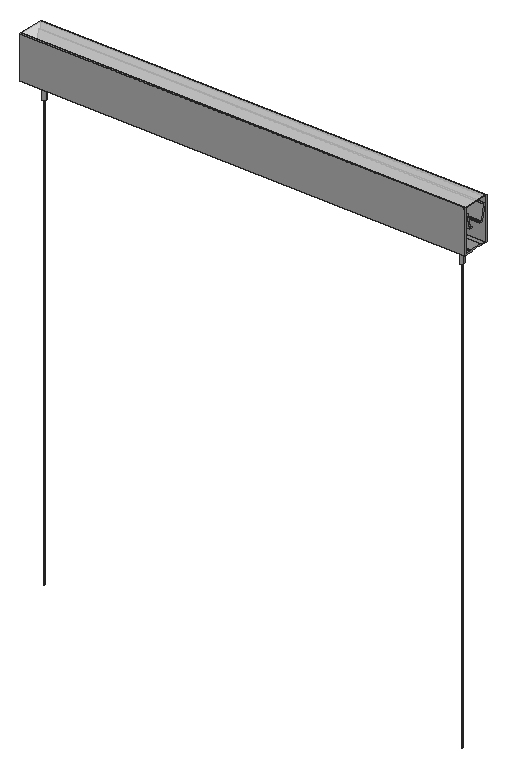
Revit family "2093163 Sylvania Lighting Fixture MC2 0-9M 3K DALI WHT OPAL", category Lighting Fixtures, host Face, Revit 2016
Family settings
  Host = Face
  Part Type = Normal
  Round Connector Dimension = Use Diameter
  OmniClass Number = 23.80.70.11.17
  OmniClass Title = Specialized Lighting by Location or Use
  Cut with Voids When Loaded = No
  Light Source = Yes
  Shared = No
  Room Calculation Point = No
Parameters (values of type "2093163 MC2 0.9M 3K DALI WHT OPAL")
  Width_SYL = 54.0 mm
  Weight = "1.8 kg"
  Wattage = 16 W
  WarrantyStartDate [instance] = "n/a"
  WarrantyGuarantorParts = "n/a"
  WarrantyDurationUnit = "n/a"
  WarrantyDurationParts = "n/a"
  WarrantyDescription = "n/a"
  built-in parameter 1150110 = 1 (stored number, unit not read)
  Voltage = 0 V
  URL = "http://www.sylvania-lighting.com"
  TypeName = "MC2 0.9M 3K DALI WHT OPAL"
  built-in parameter 1114217 = 1 (stored number, unit not read)
  Tilt Angle = -90.00°
  built-in parameter 1150109 = 1 (stored number, unit not read)
  built-in parameter 1150134 = (empty or 0)
  built-in parameter 1150113 = 1 (stored number, unit not read)
  SerialNumber [instance] = "n/a"
  PowerFactor = 0.95
  PowerConsumption = "16 W"
  NominalWidth = 0.0 mm
  NominalLength = 900.0 mm
  NominalHeight = 86.0 mm
  Name = "MC2 0.9M 3K DALI WHT OPAL"
  ModelReference = "MC2 0.9M 3K DALI WHT OPAL"
  ModelNumber = "2093163"
  Material_3_SYL = Metal_Sylvania_Mini Contiuum II_Silver
  Photometric Web File = "2093163.ies"
  Material_4_SYL = Metal_Sylvania_Mini Contiuum II_Silver
  MountingHeight_SYL [instance] = 1000.0 mm
  Material = "aluminium housing, polycarbonate diffuser"
  ManufacturerName = "Feilo Sylvania"
  LuminousEfficacy = "104 lm/W"
  LuminaireType = ""
  LightOutputRatio = "100"
  Length_SYL = 900.0 mm
  LampsType = Lamp  # "LED"
  LampNominalLuminous = "1657 lm"
  LampMacAdamStep = "3"
  LampColourTemperature = "3000 K"
  LampColourRenderingIndex = "80"
  Keynote = "16500"
  InstallationDate [instance] = "n/a"
  InputVoltage = "n/a"
  InputNominalFrequency = "n/a"
  IngressProtection = "IP20"
  ImpactProtectionIndex = "n/a"
  IfcExportType = "IfcLightFixtureType"
  IfcExportAs = "IfcLightFixtureType"
  Height_SYL = 86.0 mm
  ExpectedLife = 50000
  EndCapRight_SYL [instance] = no
  EndCapLeft_SYL [instance] = no
  Emit from Rectangle Width = Width_SYL - 2.0 mm  # 52.0 mm
  Emit from Rectangle Length = Length_SYL  # 900.0 mm
  Emit Shape Visible in Rendering = no
  ElectricShockClassification = "Class I"
  DurationUnit = "hours"
  DocumentationLiterature = "http://www.sylvania-lighting.com/product/en-int/products/2093163"
  DimmingControlOptions = "n/a"
  CreatedOn = "10/15/2018"
  CreatedBy = "@sylvania-lighting.com"
  built-in parameter 1114216 [instance] = 1 (stored number, unit not read)
  Model = "MC2 0.9M 3K DALI WHT OPAL"
  Manufacturer = "Feilo Sylvania"
  built-in parameter 1150105 = 132.42 (stored number, unit not read)
  Lumens = 1664 lm
  built-in parameter 1150115 = 1 (stored number, unit not read)
  built-in parameter 1150137 = (empty or 0)
  built-in parameter 1150139 = (empty or 0)
  built-in parameter 1150112 = 1 (stored number, unit not read)
  built-in parameter 1150114 = 1 (stored number, unit not read)
  Lamp = "LED"
  built-in parameter 1150132 = 2
  built-in parameter 1150102 = (empty or 0)
  built-in parameter 1150107 = 3000 (stored number, unit not read)
  built-in parameter 1150138 = (empty or 0)
  built-in parameter 1150106 = 1.3242 (stored number, unit not read)
  Material_1_SYL = Metal_Sylvania_Mini Continuum II_White
  built-in parameter 1150104 = 9.6619 (stored number, unit not read)
  Dimming Lamp Color Temperature Shift = <None>
  Material_2_SYL = Polycarbonate_Sylvania_Mini Continuum II_Opal_4000K
  Description = "2093163   MC2 0.9M 3K DALI WHT OPAL  Continuous lines of LED light, white RAL 9016, direct distribution, extension module, trimless detail for a seamless finish, suitable for recessed, semi-recessed, surface-mounted or suspended installation either horizontally or vertically, various accessories available, compact and minimalist design based on the Golden Mean, ideal for offices, meeting rooms, corridors, education facilities, museums and libraries, extruded aluminium body, diffuser: opal, colour temperature: 3000K warm white, total system power: 13W, total fixture output: 1657lm, luminaire efficacy: 127lm/W, LOR: 100%, colour rendering: Ra >80, LED Chromacity: 1 step MacAdam ellipse, lifetime: 60,000 hours at 90% of the original output (L90), energy class: A++, A+, A, IR/UV free light source without heat radiation, operating voltage: 220-240V / 50-60Hz, drive current: 600mA, electronic driver, DALI dimmable, electrical protection: CLASS I, IP20, suitable for internal environment only."
  Default Elevation = 0.0 mm
  Color Filter = 16777215
  built-in parameter 1140040 [instance] = 1
  BarCode [instance] = "n/a"
  built-in parameter 1114218 = 1 (stored number, unit not read)
  built-in parameter 1150133 = 10 (stored number, unit not read)
  AssetType = "Fixed"
  AssetIdentifier [instance] = "n/a"
  Assembly Code = "D5020200"
  Apparent Load = 16 VA
Reference planes
  plane 1 "Center (Front/Back)": y = 0
  plane 2 "Bottom Fixtures": z = 0
  plane 3 "Center (Left/Right)": x = 0
  plane 4 "Fixture Left": x = -450
  plane 5 "Fixture Right": x = 450
  plane 6 "Fixture Bottom": z = 1000
  plane 7: z = 998
  plane 8: z = 996
  plane 9: z = 986.951
  plane 10: z = 956.951
  plane 11 "Fixture Top": z = 914
  plane 12 "Mounting Right": x = 422
  plane 13 "Mounting Left": x = -422
  plane 14: z = 879
  plane 15: y = 27
  plane 16: y = -27
  plane 17: y = -26
  plane 18: y = -25
  plane 19: y = 26
  plane 20: y = 25
  plane 21: y = 11
  plane 22: y = -11
  plane 23: y = 24
  plane 24: y = 22
  plane 25: y = -22
  plane 26: y = 15
  plane 27: y = -15
  plane 28 "Upper Diffuser Left": x = -300
  plane 29 "Upper Diffuser Right": x = 300
  plane 30: x = -452
  plane 31: x = 452
Forms (mm)
  Extrusion 1, solid, material "Metal_Sylvania_Mini Continuum II_White" <- "Material_1_SYL", detail levels fine
    sketch origin (0, 0, 520) x (0, 1, 0) y (0, 0, 1)
      loop
        line (27, 480) -> (26, 480) -> (26, 478) -> (25, 478) -> (25, 396) -> (13, 396) -> (13, 398) -> (-13, 398) -> (-13, 396) -> (-25, 396) -> (-25, 478) -> (-26, 478) -> (-26, 480) -> (-27, 480) -> (-27, 394) -> (-11, 394) -> (-11, 396) -> (11, 396) -> (11, 394) -> (27, 394) -> (27, 480)
    from -450 to 450
  Extrusion 2, solid, material "Polycarbonate_Sylvania_Mini Continuum II_Opal_4000K" <- "Material_2_SYL", detail levels fine
    sketch origin (0, 0, 520) x (0, 1, 0) y (0, 0, 1)
      loop
        line (-26, 480) -> (-26, 478) -> (26, 478) -> (26, 480) -> (-26, 480)
    from -450 to 450
  Extrusion 3, solid, material "Metal_Sylvania_Mini Contiuum II_Silver" <- "Material_3_SYL", detail levels fine
    sketch origin (0, 0, 520) x (0, 1, 0) y (0, 0, 1)
      loop
        line (22, 466.951) -> (20.973, 466.951) -> (14.206, 437.951) -> (11, 437.951) -> (11, 436.951) -> (15, 436.951) -> (22, 466.951)
      loop
        line (-15, 436.951) -> (-11, 436.951) -> (-11, 437.951) -> (-14.206, 437.951) -> (-20.973, 466.951) -> (-22, 466.951) -> (-15, 436.951)
    from -450 to 450
  Extrusion 4, solid, material "Metal_Sylvania_Mini Continuum II_White" <- "Material_1_SYL", detail levels coarse+medium
    sketch origin (0, 0, 520) x (0, 1, 0) y (0, 0, 1)
      loop
        line (-27, 480) -> (-27, 394) -> (27, 394) -> (27, 480) -> (-27, 480)
    from -450 to 450
  Extrusion 5, solid, material "Metal_Sylvania_Mini Contiuum II_Silver" <- "Material_4_SYL", detail levels fine
    sketch origin (0, 0, -86) x (-1, 0, 0) y (0, -1, 0)
      loop
        circle (422, 0) r 4
      loop
        circle (-422, 0) r 4
    from 965 to 1002
  Extrusion 6, solid, material "Metal_Sylvania_Mini Contiuum II_Silver" <- "Material_4_SYL", detail levels fine
    sketch origin (0, 0, -86) x (-1, 0, 0) y (0, -1, 0)
      loop
        circle (-422, 0) r 1
      loop
        circle (422, 0) r 1
    from 86 to 965
  Extrusion 7, solid, material "Metal_Sylvania_Mini Continuum II_White" <- "Material_1_SYL", visible <- "EndCapLeft_SYL"
    sketch origin (-450, 171.684, 1219.2) x (0, 1, 0) y (0, 0, 1)
      loop
        line (-198.684, -305.2) -> (-144.684, -305.2) -> (-144.684, -219.2) -> (-198.684, -219.2) -> (-198.684, -305.2)
    from 0 to -2
  Extrusion 8, solid, material "Metal_Sylvania_Mini Continuum II_White" <- "Material_1_SYL", visible <- "EndCapRight_SYL"
    sketch origin (450, 171.684, 1219.2) x (0, 1, 0) y (0, 0, -1)
      loop
        line (-144.684, 219.2) -> (-144.684, 305.2) -> (-198.684, 305.2) -> (-198.684, 219.2) -> (-144.684, 219.2)
    from 0 to -2
Lines and regions (mm)
  Masking region 1
    outline origin (0, 0, -86) x (-1, 0, 0) y (0, -1, 0)
      loop
        line (450, -27) -> (450, 27) -> (-450, 27) -> (-450, -27) -> (450, -27)
  symbolic lines, detail levels fine
    curve 1: line (-450, 26, -86) -> (450, 26, -86)
    curve 2: line (-450, -26, -86) -> (450, -26, -86)
  model lines, detail levels coarse+medium
    curve 3: line (-422, 0, 914) -> (-422, 0, 0)
    curve 4: line (422, 0, 914) -> (422, 0, 0)
Dimensions and locks
  host sketch curve to plane 3 "Center (Left/Right)" to host sketch curve = 820.0 mm, 775.047 mm
  equal spacing: plane 4 "Fixture Left", plane 3 "Center (Left/Right)", plane 5 "Fixture Right"
  "Length_SYL": plane 4 "Fixture Left" to plane 5 "Fixture Right"
  plane 6 "Fixture Bottom" to plane 7 to plane 8 to plane 9 to plane 10 = 2.0 mm locked, 2.0 mm locked, 9.049 mm locked, 30.0 mm locked
  locked: Extrusion 1 sketch curve to Extrusion 1 sketch curve at 2
  locked: Extrusion 1 sketch curve to plane 11 "Fixture Top" at 2
  "Height_SYL": plane 6 "Fixture Bottom" to plane 11 "Fixture Top"
  locked: plane 12 "Mounting Right" to plane 5 "Fixture Right" at 28
  locked: plane 4 "Fixture Left" to plane 13 "Mounting Left" at 28
  locked: plane 11 "Fixture Top" to plane 14 at 35
  "MountingHeight_SYL": plane 6 "Fixture Bottom" to plane 2 "Bottom Fixtures"
  equal spacing: plane 15, plane 1 "Center (Front/Back)", plane 16
  "Width_SYL": plane 15 to plane 16
  plane 22 to plane 27 to plane 25 to plane 18 to plane 17 to plane 16 = 4.0 mm locked, 7.0 mm locked, 3.0 mm locked, 1.0 mm locked, 1.0 mm locked
  plane 15 to plane 19 to plane 20 to plane 23 to plane 24 to plane 26 to plane 21 = 1.0 mm locked, 1.0 mm locked, 1.0 mm locked, 2.0 mm locked, 7.0 mm locked, 4.0 mm locked
  locked: plane 4 "Fixture Left" to plane 28 "Upper Diffuser Left" at 150
  locked: plane 29 "Upper Diffuser Right" to plane 5 "Fixture Right" at 150
  equal spacing: plane 30, plane 3 "Center (Left/Right)", plane 31
  locked: plane 30 to plane 4 "Fixture Left" at 2
  aligned and locked: plane 2 "Bottom Fixtures" to host face
  aligned and locked: level to host face
  aligned and locked: plane 5 "Fixture Right" to curve 1
  aligned and locked: plane 4 "Fixture Left" to curve 1
  aligned and locked: plane 4 "Fixture Left" to curve 2
  aligned and locked: plane 5 "Fixture Right" to curve 2
  aligned and locked: Extrusion 1 sketch curve to plane 7
  aligned and locked: plane 6 "Fixture Bottom" to Extrusion 1 sketch curve  (x2)
  aligned and locked: plane 7 to Extrusion 1 sketch curve
  aligned and locked: Extrusion 1 to Extrusion 2 sketch curve
  aligned and locked: Extrusion 2 sketch curve to Extrusion 1  (x3)
  aligned and locked: Extrusion 3 sketch curve to plane 10
  aligned and locked: plane 9 to Extrusion 3 sketch curve
  aligned and locked: Extrusion 3 sketch curve to plane 9
  aligned and locked: Extrusion 4 sketch curve to plane 6 "Fixture Bottom"
  aligned and locked: Extrusion 4 to plane 4 "Fixture Left"
  aligned and locked: Extrusion 2 to plane 4 "Fixture Left"
  aligned and locked: Extrusion 3 to plane 4 "Fixture Left"
  aligned and locked: Extrusion 1 to plane 4 "Fixture Left"
  aligned and locked: Extrusion 4 to plane 5 "Fixture Right"
  aligned and locked: Extrusion 2 to plane 5 "Fixture Right"
  aligned and locked: Extrusion 3 to plane 5 "Fixture Right"
  aligned and locked: Extrusion 1 to plane 5 "Fixture Right"
  aligned and locked: plane 11 "Fixture Top" to Extrusion 4 sketch curve
  aligned and locked: Extrusion 1 sketch curve to plane 11 "Fixture Top"  (x2)
  aligned and locked: Extrusion 1 sketch curve to Extrusion 1 sketch curve
  aligned and locked: plane 6 "Fixture Bottom" to imposter light
  aligned and locked: plane 11 "Fixture Top" to curve 3
  aligned and locked: plane 2 "Bottom Fixtures" to curve 3
  aligned and locked: plane 11 "Fixture Top" to curve 4
  aligned and locked: plane 2 "Bottom Fixtures" to curve 4
  aligned and locked: curve 4 to plane 12 "Mounting Right"
  aligned and locked: curve 3 to plane 13 "Mounting Left"
  aligned and locked: Extrusion 5 to Extrusion 1
  aligned and locked: Extrusion 5 to plane 14
  aligned and locked: plane 14 to Extrusion 6
  aligned and locked: Extrusion 6 to level
  aligned and locked: plane 21 to Extrusion 3 sketch curve
  aligned and locked: Extrusion 3 sketch curve to plane 22
  aligned and locked: Extrusion 7 sketch curve to Extrusion 4  (x4)
  aligned and locked: Extrusion 7 to plane 30
  aligned and locked: plane 4 "Fixture Left" to Extrusion 7
  aligned and locked: Extrusion 8 sketch curve to Extrusion 4  (x4)
  aligned and locked: plane 31 to Extrusion 8
  aligned and locked: plane 5 "Fixture Right" to Extrusion 8
Automatic sketch dimensions
  host sketch curve to host sketch curve = 1047.463 mm
  plane 19 to curve 1 = 0.0 mm
  curve 2 to plane 17 = 0.0 mm
  Masking region 1 sketch curve to plane 5 "Fixture Right" = 0.0 mm
  Masking region 1 sketch curve to plane 4 "Fixture Left" = 0.0 mm
  plane 15 to Masking region 1 sketch curve = 0.0 mm
  Masking region 1 sketch curve to plane 16 = 0.0 mm
  Extrusion 1 sketch curve to plane 16 = 0.0 mm
  Extrusion 1 sketch curve to plane 17 = 0.0 mm
  Extrusion 1 sketch curve to plane 18 = 0.0 mm
  Extrusion 1 sketch curve to plane 22 = 0.0 mm
  Extrusion 1 sketch curve to plane 21 = 0.0 mm
  Extrusion 1 sketch curve to plane 20 = 0.0 mm
  Extrusion 1 sketch curve to plane 19 = 0.0 mm
  Extrusion 1 sketch curve to plane 15 = 0.0 mm
  plane 11 "Fixture Top" to Extrusion 1 sketch curve = 2.0 mm
  Extrusion 1 sketch curve to plane 22 = 2.0 mm
  Extrusion 1 sketch curve to plane 21 = 2.0 mm
  Extrusion 3 sketch curve to plane 25 = 0.0 mm
  Extrusion 3 sketch curve to plane 27 = 0.0 mm
  Extrusion 3 sketch curve to plane 26 = 0.0 mm
  Extrusion 3 sketch curve to plane 24 = 0.0 mm
  plane 10 to Extrusion 3 sketch curve = 1.0 mm
  Extrusion 3 sketch curve to Extrusion 3 sketch curve = 1.027 mm
  plane 27 to Extrusion 3 sketch curve = 0.794 mm
  plane 26 to Extrusion 3 sketch curve = 0.794 mm
  plane 24 to Extrusion 3 sketch curve = 1.027 mm
  Extrusion 4 sketch curve to plane 16 = 0.0 mm
  Extrusion 4 sketch curve to plane 15 = 0.0 mm
  plane 1 "Center (Front/Back)" to Extrusion 5 sketch curve = 0.0 mm  (x2)
  Extrusion 5 sketch curve to plane 12 "Mounting Right" = 0.0 mm
  Extrusion 5 sketch curve to plane 13 "Mounting Left" = 0.0 mm
  plane 1 "Center (Front/Back)" to Extrusion 6 sketch curve = 0.0 mm  (x2)
  Extrusion 6 sketch curve to plane 12 "Mounting Right" = 0.0 mm
  Extrusion 6 sketch curve to plane 13 "Mounting Left" = 0.0 mm
  Extrusion 3 sketch curve to Extrusion 3 sketch curve = 0.0 mm
  Extrusion 3 sketch curve to plane 10 = 0.0 mm
  radius of Extrusion 5 sketch curve = 4.0 mm  (x2)
  radius of Extrusion 6 sketch curve = 1.0 mm  (x2)
Connectors
  electrical at (450, 0, 949), driven by "Apparent Load"
    settings: on Extrusion 1, index 1, voltage 230 V, apparent load 0 VA, apparent load phase1 16 VA, apparent load phase2 0 VA, apparent load phase3 0 VA, power factor 1, load classification "Lighting", number of poles 1, system type 31, power factor state 1, is connector primary yes, connector utility no, sub classification motor no, connector description ""
